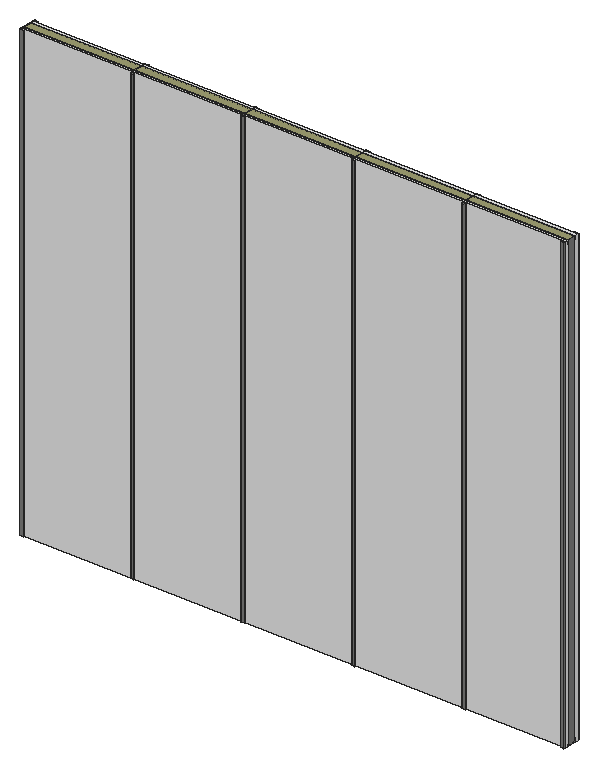
Revit family "Wall system Cementboard - Rigislab (STC 56_Uvalue 0.32) - new", category Structural Stiffeners, Revit 2020
Family settings
  OmniClass Number = 23.25.30.11.27
  OmniClass Title = Vibration and Earthquake Controls
  Cut with Voids When Loaded = No
  Shared = No
Parameters (values of type "STC 51(Cement board)")
  U-Value (W/m2k) = "0.32"
  U Value Report = ""
  Type of Insulation = "Glass Mineral Wool Semi-rigid slab"
  Total System Thickness-mm = 88 mm
  Thermal R Value = 1.4
  Thermal K Value = 0.348
  System Description = "1. Cementboard-12mm\r\n2. Ecowool Rigislab 50mm x 20kg/m3\r\n3. Stud 64mm \r\n4. Cementboard-12mm"
  Sustainability - Same documentation for all selection = ""
  SubW [instance] = roundup([built-in parameter 1001306] / 609 mm) * 609 mm  # 3045 mm
  SubL [instance] = if([built-in parameter 1001306] > 1218 mm, No Insulation * 609 mm, if([built-in parameter 1001306] > 609 mm, 609 mm, if([built-in parameter 1001306] > 0 mm, 0 mm, No Insulation * 609 mm))) + 1 mm  # 2437 mm
  STC in dB = 56
  STC Report = ""
  STC No = "56"
  Remarks = "Recommended for drywall partition applications where some acoustic performance\r\nare required. Such as office & commercial environment"
  No Metal Stud [instance] = ([built-in parameter 1001306] / [Metal Stud Spacer (mm)])  # 5
  No Insulation [instance] = roundup(SubW / 609 mm) - 1  # 4
  Metal Stud Width = 100 mm
  Metal Stud Spacer (mm) = 609 mm
  Material Specification = "Ecowool Brownie RigiSlab"
  Manufacturer = "PGF Insulation Sdn. Bhd."
  MSDS = ""
  built-in parameter 1001306 [instance] = 3000 mm
  Insulation Length (mm) = 609 mm
  Insulation Thickness (mm) = 50 mm
  Installation and Workmanship- Same for all the system = ""
  Height Wall (mm) = 2500 mm
  Handling and Storage- Same for all system = ""
  Gypsum Thickness (mm) = 12 mm
  Finish = BROWNIE RigiSlab
  FAQ- Same for all System = ""
  ECOWOOL Product thickness in mm = "100"
  Description = "Ecowool Rigislab is semi-rigid or rigid slabs of non-combustible, water repellent, glass mineral wool. They are designed to suit standard dry wall, ensuring a closed joint with adjacent slabs."
  Density = 20.00 kg/m³
  Board Material = Cement Board
  Board 2 = no
  Board 1 = yes
  AutoCad Drawing = ""
Reference planes
  plane 1 "Center (Front/Back)": y = -12.5
  plane 2: z = 0
  plane 3 "Left": x = 0
  plane 4 "Right": x = 3000
  plane 5: z = 2500
  plane 6: x = 2437
  plane 7: x = 3046
Forms (mm)
  Extrusion 1, solid, material "BROWNIE RigiSlab" <- "Finish"
    sketch origin (0, 0, 0) x (1, 0, 0) y (0, 1, 0)
      loop
        line (2437, 12.5) -> (2437, -37.5) -> (3046, -37.5) -> (3046, 12.5) -> (2437, 12.5)
    from 0 to 2500
  Extrusion 2, void
    sketch origin (0, 0, 0) x (1, 0, 0) y (0, 1, 0)
      loop
        line (2999, 12.5) -> (2999, -37.5) -> (3046, -37.5) -> (3046, 12.5) -> (2999, 12.5)
    from -45.694 to 2779.923
Cuts and joins
  Extrusion 2 cuts Extrusion 1
Lines and regions (mm)
  reference lines
    curve 1: line (0, -12.5, 0) -> (3000, -12.5, 0)
Dimensions and locks
  "built-in parameter 1001306": plane 3 "Left" to plane 4 "Right"
  "Height Wall (mm)": plane 5 to level
  equal spacing: group 1, group 2, group 3, group 4, group 5  (x3)
  "Metal Stud Spacer (mm)": plane 3 "Left" to nested 3
  "SubL": plane 3 "Left" to plane 6
  locked: plane 6 to plane 7 at 609
  equal spacing: Extrusion 1 sketch curve, plane 1 "Center (Front/Back)", Extrusion 1 sketch curve
  "Insulation Thickness (mm)": Extrusion 1 sketch curve to Extrusion 1 sketch curve
  equal spacing: Extrusion 1, plane 1 "Center (Front/Back)", Extrusion 2 sketch curve
  "Insulation Thickness (mm)": Extrusion 2 sketch curve to Extrusion 2 sketch curve
  locked: Extrusion 2 sketch curve to plane 4 "Right" at 1
  plane 4 "Right" to plane 7 = 46 mm
  plane 6 to plane 4 "Right" = 563 mm
  equal spacing: group 6, group 7, group 8, group 9  (x3)
  equal spacing: Extrusion 2 sketch curve, Extrusion 2 sketch curve, nested 1
  aligned and locked: plane 4 "Right" to curve 1
  aligned and locked: plane 1 "Center (Front/Back)" to curve 1
  aligned and locked: plane 3 "Left" to curve 1
  aligned and locked: plane 3 "Left" to nested 1
  aligned and locked: plane 4 "Right" to nested 1
  aligned and locked: plane 5 to nested 2
  aligned and locked: plane 3 "Left" to nested 6
  aligned and locked: nested 8 to plane 4 "Right"
  aligned and locked: plane 1 "Center (Front/Back)" to nested 1
  aligned and locked: plane 1 "Center (Front/Back)" to nested 2
  aligned and locked: plane 1 "Center (Front/Back)" to nested 6
  aligned and locked: nested 8 to plane 1 "Center (Front/Back)"
  aligned and locked: nested 2 to nested 10
  aligned and locked: plane 1 "Center (Front/Back)" to nested 10
  aligned and locked: plane 7 to Extrusion 1 sketch curve
  aligned and locked: Extrusion 1 sketch curve to plane 6
  aligned and locked: plane 5 to Extrusion 1
  aligned and locked: Extrusion 1 to level
Automatic sketch dimensions
  Extrusion 2 sketch curve to plane 7 = 0 mm
Nested families
  nested 1: "Gypsum Plasterboard" at (0, -12.5, 0), type "Gypsum Plasterboard"
    with built-in parameter 1001306 3000 mm, Insulation Width 50 mm, Gypsum Thickness 12 mm, Cement Board 2 no
  nested 2: "Metal Stud" at (0, -12.5, 0), type "Metal Stud"
    with Metal Stud Width 100 mm
  nested 3: "Metal Stud" at (609, -12.5, 0), type "Metal Stud"
    with Metal Stud Width 100 mm
  nested 4: "Metal Stud" at (1218, -12.5, 0), type "Metal Stud"
    with Metal Stud Width 100 mm
  nested 5: "Metal Stud" at (1827, -12.5, 0), type "Metal Stud"
    with Metal Stud Width 100 mm
  nested 6: "Metal Runner" at (0, -12.5, 0), type "Metal Runner"
    with Metal Runner Width 50 mm, Length Metal Runner 3000 mm
  nested 7: "Metal Runner" at (0, -12.5, 2500) x (1, 0, 0) z (0, 0, -1), type "Metal Runner"
    with Metal Runner Width 50 mm, Length Metal Runner 3000 mm
  nested 8: "Metal Stud" at (3000, -12.5, 0) x (-1, 0, 0) z (0, 0, 1), type "Metal Stud"
    with Metal Stud Width 100 mm
  nested 9: "Metal Stud" at (2436, -12.5, 0), type "Metal Stud"
    with Metal Stud Width 100 mm
  nested 10: "Insulation Brownie" at (1, -12.5, 0), type "Insulation Brownie"
    with Thickness Insulation 50 mm
  nested 11: "Insulation Brownie" at (610, -12.5, 0), type "Insulation Brownie"
    with Thickness Insulation 50 mm
  nested 12: "Insulation Brownie" at (1219, -12.5, 0), type "Insulation Brownie"
    with Thickness Insulation 50 mm
  nested 13: "Insulation Brownie" at (1828, -12.5, 0), type "Insulation Brownie"
    with Thickness Insulation 50 mm
Definition of nested family "Gypsum Plasterboard"
  Parameters (values of type "Gypsum Plasterboard")
    Platerboard (inner Layer) = 16 mm
    Manufacturer = "Rockwool"
    built-in parameter 1001306 [instance] = 1200 mm
    Insulation Width = 55 mm
    Height Wall = 2500 mm
    Gypsum Thickness = 12.5 mm
    Description = "Double layers wall system - Rigislab 5020"
    Cement Board 2 = yes
    Cement Board 1 = yes
    Board Type = none
  Reference planes
    plane 1 "Center (Front/Back)": y = 0
    plane 2: z = 0
    plane 3 "Left": x = 0
    plane 4 "Right": x = 1200
    plane 5: y = 27.5
    plane 6: y = -27.5
    plane 7: z = 2500
  Forms (mm)
    Sweep 1, solid, material <- "Board Type", visible <- "Cement Board 1"
      path origin (0, 0, 0) x (1, 0, 0) y (0, -1, 0)
        loop
          line (0, 0) -> (1200, 0)
      profile origin (600, 0, 0) x (0, 1, 0) y (0, 0, 1)
        loop
          line (27.5, 2500) -> (27.5, 0) -> (43.5, 0) -> (43.5, 2500) -> (27.5, 2500)
    Sweep 2, solid, material <- "Board Type", visible <- "Cement Board 2"
      path origin (0, 16, 0) x (1, 0, 0) y (0, -1, 0)
        loop
          line (0, 0) -> (1200, 0)
      profile origin (600, 16, 0) x (0, 1, 0) y (0, 0, 1)
        loop
          line (27.5, 2500) -> (27.5, 0) -> (40, 0) -> (40, 2500) -> (27.5, 2500)
    Sweep 3, solid, material <- "Board Type", visible <- "Cement Board 1"
      path origin (0, 0, 0) x (1, 0, 0) y (0, 1, 0)
        loop
          line (0, 0) -> (1200, 0)
      profile origin (600, 0, 0) x (0, 1, 0) y (0, 0, 1)
        loop
          line (-27.5, 2500) -> (-43.5, 2500) -> (-43.5, 0) -> (-27.5, 0) -> (-27.5, 2500)
    Sweep 4, solid, material <- "Board Type", visible <- "Cement Board 2"
      path origin (0, -16, 0) x (1, 0, 0) y (0, 1, 0)
        loop
          line (0, 0) -> (1200, 0)
      profile origin (600, -16, 0) x (0, 1, 0) y (0, 0, 1)
        loop
          line (-27.5, 2500) -> (-40, 2500) -> (-40, 0) -> (-27.5, 0) -> (-27.5, 2500)
  Lines and regions (mm)
    reference lines
      curve 1: line (0, 0, 0) -> (1200, 0, 0)
  Dimensions and locks
    "built-in parameter 1001306": plane 3 "Left" to plane 4 "Right"
    "Insulation Width": plane 6 to plane 5
    "Height Wall": level to plane 7
    "built-in parameter 1001306": Sweep 1 sketch curve to Sweep 1 sketch curve
    "Platerboard (inner Layer)": Sweep 1 sketch curve to Sweep 1 sketch curve
    "built-in parameter 1001306": Sweep 2 sketch curve to Sweep 2 sketch curve
    "Gypsum Thickness": Sweep 2 sketch curve to Sweep 2 sketch curve
    equal spacing: plane 6, plane 1 "Center (Front/Back)", plane 5
    "built-in parameter 1001306": Sweep 3 sketch curve to Sweep 3 sketch curve
    "Platerboard (inner Layer)": Sweep 3 sketch curve to Sweep 3 sketch curve
    "built-in parameter 1001306": Sweep 4 sketch curve to Sweep 4 sketch curve
    "Gypsum Thickness": Sweep 4 sketch curve to Sweep 4 sketch curve
    aligned and locked: plane 4 "Right" to curve 1
    aligned and locked: plane 1 "Center (Front/Back)" to curve 1
    aligned and locked: plane 3 "Left" to curve 1
    aligned and locked: plane 5 to Sweep 1
    aligned and locked: Sweep 2 to Sweep 2
    aligned and locked: Sweep 1 sketch curve to plane 7
    aligned and locked: Sweep 2 sketch curve to plane 7
    aligned and locked: Sweep 2 to Sweep 1
    aligned and locked: Sweep 4 to Sweep 4
    aligned and locked: Sweep 3 to Sweep 4
  Automatic sketch dimensions
    plane 1 "Center (Front/Back)" to Sweep 1 sketch curve = 0 mm
    Sweep 1 sketch curve to plane 3 "Left" = 0 mm
    Sweep 1 sketch curve to level = 0 mm
    Sweep 1 sketch curve to profile plane = 27.5 mm
    Sweep 2 sketch curve to plane 3 "Left" = 0 mm
    Sweep 2 sketch curve to plane 5 = 11.5 mm
    Sweep 2 sketch curve to level = 0 mm
    Sweep 2 sketch curve to profile plane = 27.5 mm
    plane 1 "Center (Front/Back)" to Sweep 3 sketch curve = 0 mm
    Sweep 3 sketch curve to plane 3 "Left" = 0 mm
    Sweep 3 sketch curve to level = 0 mm
    profile plane to Sweep 3 sketch curve = 43.5 mm
    Sweep 3 sketch curve to Sweep 3 sketch curve = 2500 mm
    Sweep 4 sketch curve to plane 3 "Left" = 0 mm
    Sweep 4 sketch curve to plane 6 = 11.5 mm
    Sweep 4 sketch curve to level = 0 mm
    profile plane to Sweep 4 sketch curve = 40 mm
    level to Sweep 4 sketch curve = 2500 mm
Definition of nested family "Metal Stud"
  Parameters (values of type "Metal Stud")
    Metal Stud Width = 50 mm
    Height = 2500 mm
  Reference planes
    plane 1 "Center (Front/Back)": y = 0
    plane 2: z = 0
    plane 3 "Center (Left/Right)": x = 0
    plane 4 "Center L/S": y = 25
    plane 5 "Center L/T": y = -25
    plane 6: z = 1
    plane 7: z = 2500
    plane 8: z = 2499
  Forms (mm)
    Extrusion 1, solid
      sketch origin (0, 0, 0) x (1, 0, 0) y (0, 1, 0)
        loop
          line (0, 25) -> (0, -25) -> (20, -25) -> (20, -24) -> (1, -24) -> (1, 24) -> (20, 24) -> (20, 25) -> (0, 25)
      from 1 to 2499
  Dimensions and locks
    Extrusion 1 sketch curve to Extrusion 1 sketch curve = 1 mm  (x3)
    locked: plane 8 to plane 7 at 1
    plane 1 "Center (Front/Back)" to Extrusion 1 = 25 mm
    "Height": plane 7 to level
    "Metal Stud Width": plane 5 "Center L/T" to plane 4 "Center L/S"
    equal spacing: plane 5 "Center L/T", plane 1 "Center (Front/Back)", plane 4 "Center L/S"
    locked: plane 6 to plane 2 at 1
    aligned and locked: plane 4 "Center L/S" to Extrusion 1
    aligned and locked: plane 5 "Center L/T" to Extrusion 1
    aligned and locked: plane 3 "Center (Left/Right)" to Extrusion 1
    aligned and locked: Extrusion 1 to plane 6
    aligned and locked: plane 8 to Extrusion 1
  Automatic sketch dimensions
    Extrusion 1 sketch curve to plane 3 "Center (Left/Right)" = 0 mm
    plane 4 "Center L/S" to Extrusion 1 sketch curve = 0 mm
    plane 5 "Center L/T" to Extrusion 1 sketch curve = 0 mm
    Extrusion 1 sketch curve to Extrusion 1 sketch curve = 19 mm  (x2)
Definition of nested family "Metal Runner"
  Parameters (values of type "Metal Runner")
    Metal Runner Width = 48 mm
    Length Metal Runner = 2460 mm
    Default Elevation = 1219.2 mm
  Reference planes
    plane 1 "Center (Front/Back)": y = 0
    plane 2: z = 0
    plane 3 "Center (Left/Right)": x = 0
    plane 4 "Center L/S": y = 24
    plane 5 "Center L/T": y = -24
  Forms (mm)
    Extrusion 1, solid
      sketch origin (0, 0, 0) x (0, 1, 0) y (0, 0, 1)
        loop
          line (24, 0) -> (24, 20) -> (23, 20) -> (23, 1) -> (-23, 1) -> (-23, 20) -> (-24, 20) -> (-24, 0) -> (24, 0)
      from 0 to 2460
  Dimensions and locks
    "Metal Runner Width": plane 5 "Center L/T" to plane 4 "Center L/S"
    equal spacing: plane 5 "Center L/T", plane 1 "Center (Front/Back)", plane 4 "Center L/S"
    Extrusion 1 sketch curve to Extrusion 1 sketch curve = 1 mm  (x3)
    "Length Metal Runner": Extrusion 1 to Extrusion 1
    aligned and locked: plane 4 "Center L/S" to Extrusion 1 sketch curve
    aligned and locked: Extrusion 1 sketch curve to level
    aligned and locked: plane 5 "Center L/T" to Extrusion 1 sketch curve
  Automatic sketch dimensions
    Extrusion 1 sketch curve to Extrusion 1 sketch curve = 19 mm  (x2)
Definition of nested family "Insulation Brownie"
  Parameters (values of type "Insulation Brownie")
    Thickness Insulation = 75 mm
    Length of Insulation = 609 mm
    Height of Insulation = 2500 mm
    Finish = none
  Reference planes
    plane 1 "Center (Front/Back)": y = 0
    plane 2: z = 0
    plane 3 "Center (Left/Right)": x = 0
    plane 4: z = 2500
    plane 5: y = 37.5
    plane 6: y = -37.5
  Forms (mm)
    Sweep 1, solid, material <- "Finish"
      path origin (0, 0, 0) x (1, 0, 0) y (0, 1, 0)
        loop
          line (0, 0) -> (609, 0)
      profile origin (304.5, 0, 0) x (0, 1, 0) y (0, 0, 1)
        loop
          line (37.5, 2500) -> (-37.5, 2500) -> (-37.5, 0) -> (37.5, 0) -> (37.5, 2500)
  Dimensions and locks
    "Length of Insulation": Sweep 1 sketch curve to Sweep 1 sketch curve
    "Height of Insulation": plane 4 to level
    equal spacing: plane 5, plane 1 "Center (Front/Back)", plane 6
    "Thickness Insulation": plane 5 to plane 6
    aligned and locked: plane 3 "Center (Left/Right)" to Sweep 1 sketch curve
    aligned and locked: plane 5 to Sweep 1 sketch curve
    aligned and locked: Sweep 1 sketch curve to plane 6
  Automatic sketch dimensions
    plane 1 "Center (Front/Back)" to Sweep 1 sketch curve = 0 mm
    Sweep 1 sketch curve to level = 0 mm
    Sweep 1 sketch curve to plane 4 = 0 mm
